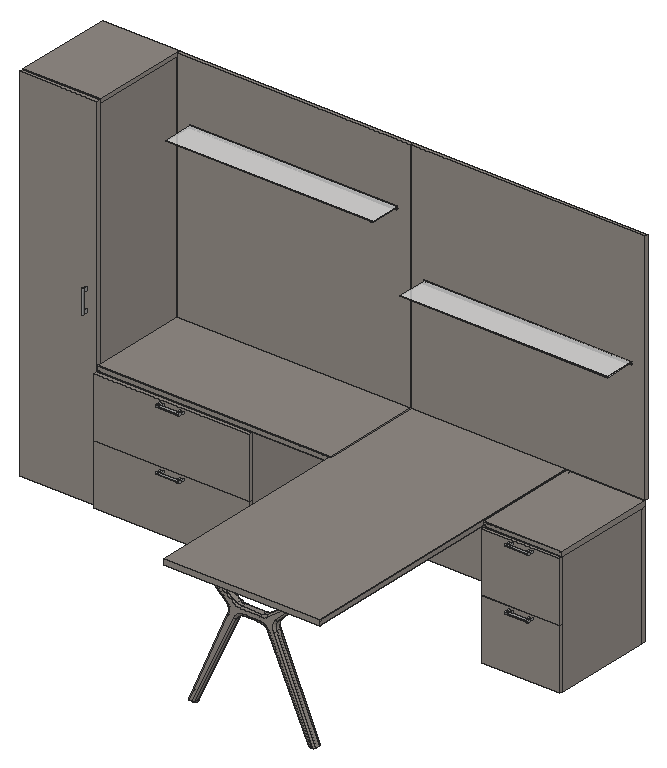
Revit family "JSI-Vision-Typical_Veneer-VSV140", category Furniture, Revit 2020
Family settings
  OmniClass Number = 23.40.20.00
  OmniClass Title = General Furniture and Specialties
  Work Plane-Based = No
  Always vertical = Yes
  Cut with Voids When Loaded = No
  Shared = No
  Room Calculation Point = No
Parameters (values of type "VSV140")
  URL = "www.jsifurniture.com"
  Type Comments = "Typical Veneer"  # constant formula
  Model = "VSV140"
  Manufacturer = "JSI"  # constant formula
  Keynote = "12500"
  Default Elevation = 0"
  Assembly Code = "E2020200"
Reference planes (in)
  plane 1 "Center Front/Back": y = 0
  plane 2: z = 0
  plane 3 "Center Left/Right": x = 0
Dimensions and locks (in)
  aligned and locked: level to plane 2
Nested families (in)
  nested 1: "JSI-Vision-Support_End_with_Metal_Braces" at (107.875, -1.2625, 0) x (0, -1, 0) z (0, 0, 1), type "VSV1036ASP, Vision Support End with Metal Braces 28"H, 36"W"
  nested 2: "JSI-Vision-Wardrobe" at (0, 0, 0), type "VSV2418-84WL - Wardrobe - 1 Doors 30"W x 24"D x 84"H"
    with Vertical Partition no, Width 18", Unit Centre 8 15/16", Shelve Width 7 13/16", Right surface Dist. to Vertical Partition 3/4", Right Door no, Pull Distance 15 1/4", Left Shelves no, Door Width 17 3/4", Bottom-Right Shelves yes, Actual Width 17 7/8"
  nested 3: "JSI-Vision-Modular_Lateral_File_Pedestal" at (17.75, -1.075, 0), type "VSV3624MLF, Veneer Modular Lat F Ped"
    with Ped Width 36", Ped Depth 24"
  nested 4: "JSI-Vision-Rectangle_Desk_Top" at (71.875, -72.125, -2) x (0, 1, 0) z (0, 0, 1), type "VSV3672MCT, Laminate Rectangular Desk Top, 36" x 72""
    with Width 72", Depth 36"
  nested 5: "JSI-Vision-Modular_Bridge_Top" at (53.93913, -10.875, -0.8125), type "VSV5424MCT - Modular Return/Bridge Top 54"W x 24"D x 30"H"
    with Width 54", Depth 24"
  nested 6: "JSI-Vision-Wall_Panel_Markerboard_Laminate-Glass_Shelf" at (17.875, -0.125, 11.6875), type "VSV5454WPGS - Wall Panel with Glass Shelf 54"W x 7 15/16"D x x 54 1/2"H"
    with Shelf Top yes, Shelf Line yes, Shelf Center no, Shelf Bottom no, SH no, Dist Center 15 5/32", Width 54", Height 54 1/2", Depth 7.938"
  nested 7: "JSI-Vision-Wall_Panel_Markerboard_Laminate-Glass_Shelf" at (71.875, -0.125, 11.6875), type "VSV5454WPGS - Wall Panel with Glass Shelf 54"W x 7 15/16"D x x 54 1/2"H"
    with Shelf Top no, Shelf Line yes, Shelf Center yes, Shelf Bottom yes, SH yes, Dist Center 27 1/4", Width 54", Height 54 1/2", Depth 7.938"
  nested 8: "JSI-Vision-Wood_Truss_Base" at (89.875, -68.625, 0) x (0, -1, 0) z (0, 0, 1), type "VSV3028PXB - Wood Truss Base 29 1/2"W x 1 3/4"D x 28 5/16"H"
  nested 9: "JSI-Vision-Modular_File_File_Pedestal" at (107.875, -1.825, 0), type "VSV1824MFF, Veneer Modular FF Ped"
    with Ped Height 27.996", Ped Depth 24"
  nested 10: "JSI-Vision-Modular_Pedestal_Top" at (107.875, -1.2625, 28), type "VSV2418MCT, Modular Pedestal Top - 24d x 18 1/8w x 1 3/16h"
    with Height 0"
  nested 11: "JSI-Vision-Support_Rail_Work_Surface" at (88.87499, -63.063, 0.18778) x (0, 1, 0) z (0, 0, 1), type "GP0255SB, Metal Support Rail for Work Surface  2W 55 L 3/4H"
  nested 12: "JSI-Vision-Modular_Pedestal_Return_Modesty_Panel" at (53.875, -1.2625, 0), type "VSV1828MDRB, Modular Pedestal Return Modesty Panel 15/16w x 28h"
  nested 13: "JSI-Vision-Filler_Back_Panel_for_Bench_Height" at (122, -1.2625, 0), type "VSVB0428MBK, Filler Back Panel for Bench Height 28"H, 4"W"
Definition of nested family "JSI-Vision-Support_End_with_Metal_Braces"
  Parameters (values of type "VST1030ASP, Vision Support End with Metal Braces 28"H, 30"W")
    Width = 30"
    URL = "www.jsifurniture.com"
    Type Comments = ""
    Support Wood Finish = none
    Support Finish = none
    Series = "Vision Casegoods"  # constant formula
    Model = "VST1030ASP"
    Material = ""
    Manufacturer = "JSI"  # constant formula
    Keynote = "12500"  # constant formula
    JSI Enviromental Website = "http://www.jsifurniture.com/jsi_sustainability_intro.php"
    Height = 28"
    Hardware Finish = none
    Description = "Vision Support End Laminate with Metal Braces -  3/4\"D x 30\"W x 28\"H"
    Depth = 3/4"
    Default Elevation = 0"
    Assembly Code = "E2020200"
  Types (4): name | Width | Model | Description
    VST1030ASP, Vision Support End with Metal Braces 28"H, 30"W | 30" | "VST1030ASP" | "Vision Support End Laminate with Metal Braces -  3/4\"D x 30\"W x 28\"H"
    VST1036ASP, Vision Support End with Metal Braces 28"H, 36"W | 36" | "VST1036ASP" | "Vision Support End Laminate with Metal Braces -  3/4\"D x 36\"W x 28\"H"
    VSV1030ASP, Vision Support End with Metal Braces 28"H, 30"W | 30" | "VSV1030ASP" | "Vision Support End Veneer with Metal Braces -  3/4\"D x 30\"W x 28\"H"
    VSV1036ASP, Vision Support End with Metal Braces 28"H, 36"W | 36" | "VSV1036ASP" | "Vision Support End Veneer with Metal Braces -  3/4\"D x 36\"W x 28\"H"
  Reference planes (in)
    plane 1 "Center Front/Back": y = 0
    plane 2: z = 0
    plane 3 "Center Left/Right": x = 0
    plane 4: z = 0
    plane 5: z = 28
    plane 6: x = 0.75
    plane 7: y = -30
    plane 8: y = -15
  Forms (in)
    Extrusion 1, solid, material <- "Support Wood Finish"
      sketch origin (0, 0, 0) x (1, 0, 0) y (0, 1, 0)
        loop
          line (0, -0.1875) -> (0, -29.8125) -> (0.75, -29.8125) -> (0.75, -0.1875) -> (0, -0.1875)
      from 0 to 28
    Extrusion 2, solid, material <- "Support Finish"
      sketch origin (0, 0, 0) x (1, 0, 0) y (0, 0, 1)
        loop
          line (1.01072, 21.34172) -> (7.4271, 27.75811)
          arc (7.4271, 27.75811) -> (7.48703, 27.79815) -> (7.55772, 27.81221) r 0.18472
          line (7.55772, 27.81221) -> (10.08071, 27.81221) -> (10.08071, 28) -> (7.55916, 28)
          arc (7.55916, 28) -> (7.41566, 27.97145) -> (7.294, 27.89017) r 0.375
          line (7.294, 27.89017) -> (0.85983, 21.456)
          arc (0.85983, 21.456) -> (0.77855, 21.33434) -> (0.75, 21.19084) r 0.375
          line (0.75, 21.19084) -> (0.75, 18.669) -> (0.9375, 18.669) -> (0.9375, 21.16495)
          arc (0.9375, 21.16495) -> (0.95653, 21.26062) -> (1.01072, 21.34172) r 0.25
      from 10.5 to 11.5
    Extrusion 3, solid, material <- "Support Finish"
      sketch origin (0, -8, 0) x (1, 0, 0) y (0, 0, 1)
        loop
          line (1.01072, 21.34172) -> (7.4271, 27.75811)
          arc (7.4271, 27.75811) -> (7.48703, 27.79815) -> (7.55772, 27.81221) r 0.18472
          line (7.55772, 27.81221) -> (10.08071, 27.81221) -> (10.08071, 28) -> (7.55916, 28)
          arc (7.55916, 28) -> (7.41566, 27.97145) -> (7.294, 27.89017) r 0.375
          line (7.294, 27.89017) -> (0.85983, 21.456)
          arc (0.85983, 21.456) -> (0.77855, 21.33434) -> (0.75, 21.19084) r 0.375
          line (0.75, 21.19084) -> (0.75, 18.669) -> (0.9375, 18.669) -> (0.9375, 21.16495)
          arc (0.9375, 21.16495) -> (0.95653, 21.26062) -> (1.01072, 21.34172) r 0.25
      from 10.5 to 11.5
    Extrusion 4, solid, material <- "Hardware Finish"
      sketch origin (0, 0, 0) x (1, 0, 0) y (0, 0, 1)
        loop
          line (0.75, 28) -> (0.75, 26.9375) -> (0.8125, 26.9375) -> (0.8125, 27.9375) -> (1.8125, 27.9375) -> (1.8125, 28) -> (0.75, 28)
      from 1.6875 to 3.6875
    Extrusion 5, solid, material <- "Hardware Finish"
      sketch origin (0, -8.75, 0) x (1, 0, 0) y (0, 0, 1)
        loop
          line (0.75, 28) -> (0.75, 26.9375) -> (0.8125, 26.9375) -> (0.8125, 27.9375) -> (1.8125, 27.9375) -> (1.8125, 28) -> (0.75, 28)
      from -1.3125 to 0.6875
    Extrusion 6, solid, material <- "Hardware Finish"
      sketch origin (0, -21.875, 0) x (1, 0, 0) y (0, 0, 1)
        loop
          line (0.75, 28) -> (0.75, 26.9375) -> (0.8125, 26.9375) -> (0.8125, 27.9375) -> (1.8125, 27.9375) -> (1.8125, 28) -> (0.75, 28)
      from -1.3125 to 0.6875
    Extrusion 7, solid, material <- "Hardware Finish"
      sketch origin (0, -30.625, 0) x (1, 0, 0) y (0, 0, 1)
        loop
          line (0.75, 28) -> (0.75, 26.9375) -> (0.8125, 26.9375) -> (0.8125, 27.9375) -> (1.8125, 27.9375) -> (1.8125, 28) -> (0.75, 28)
      from -4.3125 to -2.3125
  Lines and regions (in)
    symbolic lines
      curve 1: line (0, -0.1875, 0) -> (0.75, -0.1875, 0)
      curve 2: line (0, -29.8125, 0) -> (0, -0.1875, 0)
      curve 3: line (0.75, -29.8125, 0) -> (0, -29.8125, 0)
      curve 4: line (0.75, -0.1875, 0) -> (0.75, -29.8125, 0)
      curve 5: line (0.75, -1.83336, 0) -> (1.30712, -1.83336, 0)
      curve 6: line (1.30712, -1.83336, 0) -> (1.30712, -3.4108, 0)
      curve 7: line (1.30712, -3.4108, 0) -> (0.75, -3.4108, 0)
      curve 8: line (0.75, -26.5892, 0) -> (1.30712, -26.5892, 0)
      curve 9: line (1.30712, -26.5892, 0) -> (1.30712, -28.16665, 0)
      curve 10: line (1.30712, -28.16665, 0) -> (0.75, -28.16665, 0)
  Dimensions and locks (in)
    "Depth": plane 3 "Center Left/Right" to plane 6
    "Width": plane 1 "Center Front/Back" to plane 7
    locked: Extrusion 1 sketch curve to plane 1 "Center Front/Back" at 0.1875
    locked: Extrusion 1 sketch curve to plane 7 at 0.1875
    equal spacing: plane 7, plane 8, plane 1 "Center Front/Back"
    plane 5 to Extrusion 2 sketch curve to Extrusion 2 sketch curve to Extrusion 2 sketch curve to Extrusion 2 sketch curve to Extrusion 2 sketch curve = 0.18779" locked, 0.18472" locked, 6.43665" locked, 0.02589" locked, 2.49595" locked
    Extrusion 2 sketch curve to Extrusion 2 sketch curve to Extrusion 2 sketch curve to Extrusion 2 sketch curve to Extrusion 2 sketch curve to plane 6 = 2.52299" locked, 6.37022" locked, 1/16" locked, 3/16" locked, 3/16" locked
    Extrusion 3 sketch curve to Extrusion 3 sketch curve to Extrusion 3 sketch curve to Extrusion 3 sketch curve to Extrusion 3 sketch curve = 0.18472" locked, 6.43665" locked, 0.02589" locked, 2.49595" locked
    Extrusion 3 sketch curve to Extrusion 3 sketch curve to Extrusion 3 sketch curve to Extrusion 3 sketch curve to Extrusion 3 sketch curve = 2.52299" locked, 6.37022" locked, 1/16" locked, 3/16" locked
    Extrusion 2 to Extrusion 2 to plane 8 to Extrusion 3 to Extrusion 3 = 1" locked, 3 1/2" locked, 3 1/2" locked, 1" locked
    plane 5 to Extrusion 4 sketch curve to Extrusion 4 sketch curve = 1/16" locked, 1" locked
    plane 6 to Extrusion 4 sketch curve to Extrusion 4 sketch curve = 1/16" locked, 1" locked
    locked: Extrusion 5 sketch curve to Extrusion 5 sketch curve at 1  (x2)
    locked: Extrusion 6 sketch curve to Extrusion 6 sketch curve at 1  (x2)
    locked: Extrusion 7 sketch curve to Extrusion 7 sketch curve at 1  (x2)
    Extrusion 5 to Extrusion 5 to Extrusion 2 to Extrusion 2 to plane 8 to Extrusion 3 to Extrusion 3 to Extrusion 6 to Extrusion 6 = 2" locked, 1 1/16" locked, 1" locked, 3 1/2" locked, 3 1/2" locked, 1" locked, 1 1/16" locked, 2" locked
    plane 1 "Center Front/Back" to Extrusion 4 to Extrusion 4 = 1 11/16" locked, 2" locked
    Extrusion 7 to Extrusion 7 to plane 7 = 2" locked, 1 11/16" locked
    "Height": plane 5 to plane 4
    aligned and locked: level to plane 2
    aligned and locked: plane 3 "Center Left/Right" to Extrusion 1 sketch curve
    aligned and locked: plane 6 to Extrusion 1 sketch curve
    aligned and locked: plane 5 to Extrusion 1
    aligned and locked: curve 1 to Extrusion 1
    aligned and locked: curve 2 to Extrusion 1
    aligned and locked: curve 3 to Extrusion 1
    aligned and locked: curve 4 to Extrusion 1
    aligned and locked: Extrusion 2 sketch curve to plane 5
    aligned and locked: Extrusion 2 sketch curve to plane 6
    aligned and locked: Extrusion 4 sketch curve to plane 5
    aligned and locked: plane 6 to Extrusion 4 sketch curve
    aligned and locked: Extrusion 1 to plane 4
  Automatic sketch dimensions
    curve 7 to curve 6 = 0.55712"
    curve 8 to curve 8 = 0.55712"
    curve 3 to curve 9 = 1.64585"
    curve 9 to curve 9 = 1.57745"
    curve 6 to curve 1 = 3.2233"
    curve 6 to curve 5 = 1.57744"
    Extrusion 2 sketch curve to plane 6 = 0.10983"
    Extrusion 2 sketch curve to Extrusion 2 sketch curve = 0.15089"
    Extrusion 2 sketch curve to plane 5 = 0.10983"
    Extrusion 2 sketch curve to Extrusion 2 sketch curve = 0.26372"
    Extrusion 2 sketch curve to plane 5 = 0.24189"
    Extrusion 2 sketch curve to Extrusion 2 sketch curve = 0.00144"
    plane 6 to Extrusion 3 sketch curve = 0"
    Extrusion 3 sketch curve to plane 5 = 0"
    Extrusion 3 sketch curve to plane 6 = 0.10983"
    Extrusion 3 sketch curve to Extrusion 3 sketch curve = 3/16"
    Extrusion 3 sketch curve to Extrusion 3 sketch curve = 0.15089"
    Extrusion 3 sketch curve to plane 5 = 0.10983"
    Extrusion 3 sketch curve to Extrusion 3 sketch curve = 0.26372"
    Extrusion 3 sketch curve to plane 5 = 0.24189"
    Extrusion 3 sketch curve to Extrusion 3 sketch curve = 0.13062"
    Extrusion 3 sketch curve to Extrusion 3 sketch curve = 0.00144"
    Extrusion 5 sketch curve to plane 5 = 0"
    plane 6 to Extrusion 5 sketch curve = 0"
    Extrusion 5 sketch curve to plane 6 = 1/16"
    Extrusion 5 sketch curve to plane 5 = 1/16"
    Extrusion 6 sketch curve to plane 5 = 0"
    plane 6 to Extrusion 6 sketch curve = 0"
    Extrusion 6 sketch curve to plane 6 = 1/16"
    Extrusion 6 sketch curve to plane 5 = 1/16"
    Extrusion 7 sketch curve to plane 5 = 0"
    plane 6 to Extrusion 7 sketch curve = 0"
    Extrusion 7 sketch curve to plane 6 = 1/16"
    Extrusion 7 sketch curve to plane 5 = 1/16"
Definition of nested family "JSI-Vision-Wardrobe"
  Parameters (values of type "Type Catalog")
    Vertical Partition = yes
    Top-Right Shelve = yes
    Top = none
    Width = 36"
    Unit Centre = Actual Width / 2  # 17 15/16"
    URL = "www.jsifurniture.com"
    Type Comments = ""
    Tag = "Storage/Wardrobe"
    Shelve Width = (Actual Width - 2 1/4") / 2  # 16 13/16"
    Shelve Depth = Depth - 2 13/16"  # 21 3/16"
    Series = "Vision Casegoods"  # constant formula
    Right surface Dist. to Vertical Partition = if(Vertical Partition, (Unit Centre + 3/8"), 3/4")  # 18 5/16"
    Right Door = yes
    Pull Finish = none
    Pull Distance = Door Width - 2 1/2"  # 15 5/16"
    Model = "Type Catalog"
    Material = ""
    Manufacturer = "JSI"  # constant formula
    Left Shelves = yes
    Left Door = yes
    Keynote = "12500"
    JSI Enviromental Website = "http://www.jsifurniture.com/jsi_sustainability_intro.php"
    Height = 84"
    Hanging Bar Distance = if(Height > 72", (Adjustable Shelves Array Distance + 6 3/4"), 6 3/4")  # 20 3/8"
    Door Width = if(Vertical Partition, ((Actual Width - (1/4")) / 2), (Actual Width - 1/8"))  # 17 13/16"
    Door Front = none
    Description = "Type Catalog"
    Depth = 24"
    Default Elevation = 0"
    Chassis = none
    Bottom-Right Shelves = no
    Assembly Code = "E2020200"
    Adjustable Shelves Array Distance = (Actual Height - 1 15/16") / (# of Adjustable Shelves + 1)  # 13 5/8"
    Actual Width = Width - 1/8"  # 35 7/8"
    Actual Height = if(Height > 54", (Height - 5/16"), (if(Height > 42", (Height + 1 1/8"), if(Height > 30", (Height - 3/8"), (Height - 13/16")))))  # 83 11/16"
    # of Adjustable Shelves = if(Height > 72", 5, 4)  # 5
  Reference planes (in)
    plane 1 "Center Front/Back": y = 0
    plane 2: z = 0
    plane 3 "Center Left/Right": x = 0
    plane 4: z = 0
    plane 5: x = 35.875
    plane 6: y = -0.125
    plane 7: y = -23
    plane 8: z = 83.6875
    plane 9: y = -0.875
    plane 10: y = -22.8125
    plane 11: y = -22.0625
    plane 12: x = 0.75
    plane 13: x = 35.125
    plane 14: z = 1.1875
    plane 15: z = 1.9375
    plane 16: z = 82.9375
    plane 17: z = 83.3125
    plane 18: z = 15.1875
    plane 19: z = 28.8125
    plane 20: z = 42.4375
    plane 21: z = 56.0625
    plane 22: z = 69.6875
    plane 23: z = 70.0625
    plane 24: z = 69.3125
    plane 25: z = 56.4375
    plane 26: z = 55.6875
    plane 27: z = 42.8125
    plane 28: z = 42.0625
    plane 29: z = 29.1875
    plane 30: z = 28.4375
    plane 31: z = 15.5625
    plane 32: z = 14.8125
    plane 33: x = 17.9375
    plane 34: x = 0.0625
    plane 35: x = 35.8125
    plane 36: x = 18
    plane 37: x = 17.875
    plane 38: z = 0.125
    plane 39: y = -23.125
    plane 40: y = -23.875
    plane 41: z = 1.5625
    plane 42: x = 18.3125
    plane 43: x = 17.5625
    plane 44: y = -24
    plane 45: z = 83.625
    plane 46: z = 63.3125
    plane 47: y = -11.5625
    plane 48: z = 41.84375
    plane 49: x = 20.5
    plane 50: x = 15.375
    plane 51: z = 20.3125
    plane 52: z = 19.5625
    plane 53: x = 18.3125
  Forms (in)
    Extrusion 1, solid, material <- "Chassis"
      sketch origin (0, 0, 0) x (1, 0, 0) y (0, 1, 0)
        loop
          line (0, -0.125) -> (0, -0.875) -> (35.875, -0.875) -> (35.875, -0.125) -> (0, -0.125)
      from 0 to 82.9375
    Extrusion 2, solid, material <- "Chassis"
      sketch origin (0, 0, 0) x (1, 0, 0) y (0, 1, 0)
        loop
          line (0, -0.875) -> (0, -23) -> (0.75, -23) -> (0.75, -0.875) -> (0, -0.875)
      from 0 to 82.9375
    Extrusion 3, solid, material <- "Chassis"
      sketch origin (0, 0, 0) x (1, 0, 0) y (0, 1, 0)
        loop
          line (35.125, -0.875) -> (35.125, -23) -> (35.875, -23) -> (35.875, -0.875) -> (35.125, -0.875)
      from 0 to 82.9375
    Extrusion 4, solid, material <- "Top"
      sketch origin (0, 0, 0) x (0, 1, 0) y (0, 0, 1)
        loop
          line (-0.125, 83.6875) -> (-23, 83.6875) -> (-23, 82.9375) -> (-0.125, 82.9375) -> (-0.125, 83.6875)
      from 0 to 35.875
    Extrusion 5, solid, material <- "Chassis"
      sketch origin (0, 0, 0) x (0, 1, 0) y (0, 0, 1)
        loop
          line (-0.875, 1.9375) -> (-22.0625, 1.9375) -> (-22.0625, 1.1875) -> (-0.875, 1.1875) -> (-0.875, 1.9375)
      from 0.75 to 35.125
    Extrusion 6, solid, material <- "Chassis"
      sketch origin (0, 0, 0) x (0, 1, 0) y (0, 0, 1)
        loop
          line (-22.0625, 1.9375) -> (-22.8125, 1.9375) -> (-22.8125, 0) -> (-22.0625, 0) -> (-22.0625, 1.9375)
      from 0.75 to 35.125
    Extrusion 7, solid, material <- "Door Front", visible <- "Left Door"
      sketch origin (0, 0, 0) x (1, 0, 0) y (0, 1, 0)
        loop
          line (0.0625, -23.125) -> (0.0625, -23.875) -> (17.875, -23.875) -> (17.875, -23.125) -> (0.0625, -23.125)
      from 0.125 to 83.625
    Extrusion 8, solid, material <- "Door Front", visible <- "Right Door"
      sketch origin (0, 0, 0) x (1, 0, 0) y (0, 1, 0)
        loop
          line (18, -23.125) -> (18, -23.875) -> (35.8125, -23.875) -> (35.8125, -23.125) -> (18, -23.125)
      from 0.125 to 83.625
    Extrusion 9, solid, material <- "Chassis", visible <- "Vertical Partition"
      sketch origin (0, 0, 0) x (1, 0, 0) y (0, 1, 0)
        loop
          line (17.5625, -0.875) -> (17.5625, -23) -> (18.3125, -23) -> (18.3125, -0.875) -> (17.5625, -0.875)
      from 1.9375 to 82.9375
    Extrusion 10, solid, material <- "Chassis", visible <- "Left Shelves"
      sketch origin (0, 0, 0) x (0, 1, 0) y (0, 0, 1)
        loop
          line (-0.875, 15.5625) -> (-22.0625, 15.5625) -> (-22.0625, 14.8125) -> (-0.875, 14.8125) -> (-0.875, 15.5625)
      from 0.75 to 17.5625
    Extrusion 11, solid, material <- "Chassis", visible <- "Top-Right Shelve"
      sketch origin (0, 0, 0) x (0, 1, 0) y (0, 0, 1)
        loop
          line (-0.875, 70.0625) -> (-22.0625, 70.0625) -> (-22.0625, 69.3125) -> (-0.875, 69.3125) -> (-0.875, 70.0625)
      from 18.3125 to 35.125
    Extrusion 12, solid, material <- "Pull Finish"
      sketch origin (0, 0, 0) x (0, 1, 0) y (0, 0, 1)
        loop
          circle (-11.5625, 63.3125) r 0.5
      from 18.3125 to 35.125
    Extrusion 13, solid, material <- "Chassis", visible <- "Left Shelves"
      sketch origin (0, 0, 13.625) x (0, 1, 0) y (0, 0, 1)
        loop
          line (-0.875, 15.5625) -> (-22.0625, 15.5625) -> (-22.0625, 14.8125) -> (-0.875, 14.8125) -> (-0.875, 15.5625)
      from 0.75 to 17.5625
    Extrusion 14, solid, material <- "Chassis", visible <- "Left Shelves"
      sketch origin (0, 0, 27.25) x (0, 1, 0) y (0, 0, 1)
        loop
          line (-0.875, 15.5625) -> (-22.0625, 15.5625) -> (-22.0625, 14.8125) -> (-0.875, 14.8125) -> (-0.875, 15.5625)
      from 0.75 to 17.5625
    Extrusion 15, solid, material <- "Chassis", visible <- "Left Shelves"
      sketch origin (0, 0, 40.875) x (0, 1, 0) y (0, 0, 1)
        loop
          line (-0.875, 15.5625) -> (-22.0625, 15.5625) -> (-22.0625, 14.8125) -> (-0.875, 14.8125) -> (-0.875, 15.5625)
      from 0.75 to 17.5625
    Extrusion 16, solid, material <- "Chassis", visible <- "Bottom-Right Shelves"
      sketch origin (0, 0, 0) x (0, 1, 0) y (0, 0, 1)
        loop
          line (-22.0625, 29.1875) -> (-22.0625, 28.4375) -> (-0.875, 28.4375) -> (-0.875, 29.1875) -> (-22.0625, 29.1875)
      from 18.3125 to 35.125
    Extrusion 17, solid, material <- "Chassis", visible <- "Bottom-Right Shelves"
      sketch origin (0, 0, 0) x (0, 1, 0) y (0, 0, 1)
        loop
          line (-22.0625, 20.3125) -> (-22.0625, 19.5625) -> (-0.875, 19.5625) -> (-0.875, 20.3125) -> (-22.0625, 20.3125)
      from 18.3125 to 35.125
    Extrusion 18, solid, material <- "Chassis", visible <- "Left Shelves"
      sketch origin (0, 0, 54.5) x (0, 1, 0) y (0, 0, 1)
        loop
          line (-0.875, 15.5625) -> (-22.0625, 15.5625) -> (-22.0625, 14.8125) -> (-0.875, 14.8125) -> (-0.875, 15.5625)
      from 0.75 to 17.5625
  Lines and regions (in)
    symbolic lines
      curve 1: line (35.875, -0.125, 0) -> (0, -0.125, 0)
      curve 2: line (0, -0.125, 0) -> (0, -23, 0)
      curve 3: line (35.875, -23, 0) -> (35.875, -0.125, 0)
      curve 4: line (0, -23, 0) -> (35.875, -23, 0)
      curve 5: line (17.875, -23.875, 0) -> (17.875, -23.125, 0)
      curve 6: line (0.0625, -23.875, 0) -> (17.875, -23.875, 0)
      curve 7: line (17.875, -23.125, 0) -> (0.0625, -23.125, 0)
      curve 8: line (0.0625, -23.125, 0) -> (0.0625, -23.875, 0)
      curve 9: line (35.8125, -23.125, 20.3125) -> (18, -23.125, 20.3125)
      curve 10: line (18, -23.875, 20.3125) -> (35.8125, -23.875, 20.3125)
      curve 11: line (18, -23.125, 20.3125) -> (18, -23.875, 20.3125)
      curve 12: line (35.8125, -23.875, 20.3125) -> (35.8125, -23.125, 20.3125)
  Dimensions and locks (in)
    locked: plane 6 to plane 1 "Center Front/Back" at 0.125
    plane 7 to plane 10 to plane 11 = 3/16" locked, 3/4" locked
    locked: plane 3 "Center Left/Right" to plane 12 at 0.75
    locked: plane 13 to plane 5 at 0.75
    plane 15 to plane 14 to plane 4 = 3/4" locked, 1 3/16" locked
    locked: plane 8 to plane 16 at 0.75
    locked: plane 17 to plane 16 at 0.375
    plane 23 to plane 22 to plane 24 = 3/8" locked, 3/8" locked
    plane 25 to plane 21 to plane 26 = 3/8" locked, 3/8" locked
    plane 27 to plane 20 to plane 28 = 3/8" locked, 3/8" locked
    plane 29 to plane 19 to plane 30 = 3/8" locked, 3/8" locked
    plane 31 to plane 18 to plane 32 = 3/8" locked, 3/8" locked
    "Actual Width": plane 3 "Center Left/Right" to plane 5
    "Unit Centre": plane 3 "Center Left/Right" to plane 33
    "Actual Height": plane 8 to plane 4
    locked: plane 3 "Center Left/Right" to plane 34 at 0.0625
    locked: plane 35 to plane 5 at 0.0625
    plane 40 to plane 39 to plane 7 = 3/4" locked, 1/8" locked
    "Door Width": plane 34 to plane 37
    "Door Width": plane 36 to plane 35
    locked: plane 15 to plane 41 at 0.375
    plane 43 to plane 33 to plane 42 = 3/8" locked, 3/8" locked
    "Depth": plane 44 to plane 1 "Center Front/Back"
    locked: plane 44 to plane 40 at 0.125
    "Adjustable Shelves Array Distance": Extrusion 10 to plane 15
    locked: plane 8 to plane 45 at 0.0625
    "Adjustable Shelves Array Distance": plane 17 to plane 22
    equal spacing: plane 6, plane 47, plane 7
    equal spacing: plane 8, plane 48, plane 4
    "Shelve Depth": Extrusion 10 sketch curve to Extrusion 10 sketch curve
    "Shelve Depth": Extrusion 13 sketch curve to Extrusion 13 sketch curve
    equal spacing: group 1, group 2, group 3, group 4, group 5  (x3)
    "Shelve Width": Extrusion 10 to Extrusion 10
    "Shelve Depth": Extrusion 14 sketch curve to Extrusion 14 sketch curve
    "Shelve Width": Extrusion 14 to Extrusion 14
    "Shelve Depth": Extrusion 15 sketch curve to Extrusion 15 sketch curve
    "Shelve Width": Extrusion 15 to Extrusion 15
    "Shelve Width": Extrusion 13 to Extrusion 13
    "Hanging Bar Distance": plane 8 to plane 46
    "Adjustable Shelves Array Distance": Extrusion 13 to Extrusion 10
    plane 30 to plane 51 to plane 52 = 8 1/8" locked, 3/4" locked
    "Pull Distance": plane 49 to plane 35
    "Pull Distance": plane 34 to plane 50
    "Right surface Dist. to Vertical Partition": plane 53 to plane 3 "Center Left/Right"
    "Shelve Depth": Extrusion 18 sketch curve to Extrusion 18 sketch curve
    "Shelve Width": Extrusion 18 to Extrusion 18
    locked: plane 38 to plane 4 at 0.125
    radius of Extrusion 12 sketch curve = 1/2"
    aligned and locked: level to plane 2
    aligned and locked: plane 6 to Extrusion 1 sketch curve
    aligned and locked: Extrusion 1 sketch curve to plane 9
    aligned and locked: Extrusion 1 sketch curve to plane 5
    aligned and locked: plane 3 "Center Left/Right" to Extrusion 1 sketch curve
    aligned and locked: Extrusion 1 to plane 4
    aligned and locked: plane 16 to Extrusion 1
    aligned and locked: plane 3 "Center Left/Right" to Extrusion 2 sketch curve
    aligned and locked: Extrusion 2 sketch curve to plane 12
    aligned and locked: Extrusion 2 sketch curve to plane 7
    aligned and locked: plane 9 to Extrusion 2 sketch curve
    aligned and locked: plane 13 to Extrusion 3 sketch curve
    aligned and locked: Extrusion 3 sketch curve to plane 5
    aligned and locked: Extrusion 3 sketch curve to plane 7
    aligned and locked: plane 9 to Extrusion 3 sketch curve
    aligned and locked: Extrusion 2 to plane 4
    aligned and locked: Extrusion 3 to plane 4
    aligned and locked: plane 16 to Extrusion 2
    aligned and locked: plane 16 to Extrusion 3
    aligned and locked: plane 16 to Extrusion 4 sketch curve
    aligned and locked: Extrusion 4 sketch curve to plane 8
    aligned and locked: plane 6 to Extrusion 4 sketch curve
    aligned and locked: Extrusion 4 sketch curve to plane 7
    aligned and locked: Extrusion 4 to plane 3 "Center Left/Right"
    aligned and locked: plane 5 to Extrusion 4
    aligned and locked: Extrusion 5 sketch curve to plane 11
    aligned and locked: plane 14 to Extrusion 5 sketch curve
    aligned and locked: Extrusion 5 sketch curve to plane 15
    aligned and locked: plane 9 to Extrusion 5 sketch curve
    aligned and locked: Extrusion 5 to plane 12
    aligned and locked: plane 13 to Extrusion 5
    aligned and locked: plane 11 to Extrusion 6 sketch curve
    aligned and locked: Extrusion 6 sketch curve to plane 10
    aligned and locked: plane 4 to Extrusion 6 sketch curve
    aligned and locked: Extrusion 6 sketch curve to plane 15
    aligned and locked: Extrusion 6 to plane 12
    aligned and locked: plane 13 to Extrusion 6
    aligned and locked: level to plane 4
    aligned and locked: plane 33 to nested 1
    aligned and locked: plane 40 to nested 1
    aligned and locked: plane 39 to Extrusion 7 sketch curve
    aligned and locked: Extrusion 7 sketch curve to plane 40
    aligned and locked: Extrusion 7 sketch curve to plane 37
    aligned and locked: plane 34 to Extrusion 7 sketch curve
    aligned and locked: plane 39 to Extrusion 8 sketch curve
    aligned and locked: Extrusion 8 sketch curve to plane 40
    aligned and locked: Extrusion 8 sketch curve to plane 35
    aligned and locked: plane 36 to Extrusion 8 sketch curve
    aligned and locked: Extrusion 7 to plane 38
    aligned and locked: Extrusion 8 to plane 38
    aligned and locked: plane 43 to Extrusion 9 sketch curve
    aligned and locked: Extrusion 9 sketch curve to plane 42
    aligned and locked: plane 9 to Extrusion 9 sketch curve
    aligned and locked: Extrusion 9 sketch curve to plane 7
    aligned and locked: Extrusion 9 to plane 15
    aligned and locked: plane 16 to Extrusion 9
    aligned and locked: plane 45 to Extrusion 7
    aligned and locked: plane 45 to Extrusion 8
    aligned and locked: Extrusion 11 sketch curve to plane 23
    aligned and locked: plane 24 to Extrusion 11 sketch curve
    aligned and locked: plane 9 to Extrusion 11 sketch curve
    aligned and locked: Extrusion 11 sketch curve to plane 11
    aligned and locked: plane 13 to Extrusion 11
    aligned and locked: plane 13 to Extrusion 12
    aligned and locked: Extrusion 10 to plane 9
    aligned and locked: plane 50 to nested 3
    aligned and locked: plane 49 to nested 2
    aligned and locked: plane 48 to nested 3
    aligned and locked: plane 48 to nested 2
    aligned and locked: plane 43 to Extrusion 10
    aligned and locked: plane 43 to Extrusion 13
    aligned and locked: Extrusion 13 to plane 9
    aligned and locked: plane 40 to nested 3
    aligned and locked: plane 40 to nested 2
    aligned and locked: Extrusion 16 sketch curve to plane 29
    aligned and locked: plane 30 to Extrusion 16 sketch curve
    aligned and locked: plane 9 to Extrusion 16 sketch curve
    aligned and locked: Extrusion 16 sketch curve to plane 11
    aligned and locked: plane 13 to Extrusion 16
    aligned and locked: Extrusion 17 sketch curve to plane 51
    aligned and locked: plane 52 to Extrusion 17 sketch curve
    aligned and locked: Extrusion 17 sketch curve to plane 11
    aligned and locked: plane 9 to Extrusion 17 sketch curve
    aligned and locked: plane 13 to Extrusion 17
    aligned and locked: plane 53 to Extrusion 12
    aligned and locked: plane 53 to Extrusion 11
    aligned and locked: plane 53 to Extrusion 17
    aligned and locked: plane 53 to Extrusion 16
    aligned and locked: curve 1 to Extrusion 4
    aligned and locked: curve 2 to Extrusion 4
    aligned and locked: curve 3 to Extrusion 4
    aligned and locked: curve 4 to Extrusion 4
    aligned and locked: curve 5 to Extrusion 7
    aligned and locked: curve 6 to Extrusion 7
    aligned and locked: curve 7 to Extrusion 7
    aligned and locked: curve 8 to Extrusion 7
    aligned and locked: curve 9 to Extrusion 8
    aligned and locked: curve 10 to Extrusion 8
    aligned and locked: curve 11 to Extrusion 8
    aligned and locked: curve 12 to Extrusion 8
  Automatic sketch dimensions
    Extrusion 12 sketch curve to plane 46 = 0"
    Extrusion 12 sketch curve to plane 47 = 0"
    Extrusion 10 sketch curve to Extrusion 10 sketch curve = 3/4"
    Extrusion 13 sketch curve to Extrusion 13 sketch curve = 3/4"
    Extrusion 14 sketch curve to Extrusion 14 sketch curve = 3/4"
    Extrusion 15 sketch curve to Extrusion 15 sketch curve = 3/4"
    Extrusion 18 sketch curve to Extrusion 18 sketch curve = 3/4"
  Nested families (in)
    nested 1: "Label 1-16 OH" at (17.9375, -23.875, 0), type "OH DOORS"
    nested 2: "Vertical Bar Pull" at (20.5, -23.875, 41.84375), Pull Finish <- "Pull Finish", visible <- "Right Door", type "PL"
      with Pull Finish none
    nested 3: "Vertical Bar Pull" at (15.375, -23.875, 41.84375), Pull Finish <- "Pull Finish", visible <- "Left Door", type "PL"
      with Pull Finish none
  Definition of nested family "Vertical Bar Pull"
    Parameters
      Pull Finish [instance] = none
      Default Elevation = 0"
    Reference planes (in)
      plane 1 "Center Front/Back": y = 0
      plane 2: z = 0
      plane 3 "Center Left/Right": x = 0
      plane 4: x = -2.68731
      plane 5: x = -1.88731
      plane 6: x = 2.68731
      plane 7: x = 1.88731
      plane 8: y = -1
      plane 9: y = -0.85202
      plane 10: z = 2.68731
      plane 11: z = 1.88731
      plane 12: z = -1.88731
      plane 13: z = -2.68731
    Forms (in)
      Extrusion 1, solid, material <- "Pull Finish"
        sketch origin (0, 0, 0) x (0, 1, 0) y (-1, 0, 0)
          loop
            line (0, -0.2015) -> (0, 0.2015) -> (-0.85202, 0.2015)
            arc (-0.85202, 0.2015) -> (-0.75, 0) -> (-0.85202, -0.2015) r 0.25
            line (-0.85202, -0.2015) -> (0, -0.2015)
        from 1.88731 to 2.68731
      Extrusion 2, solid, material <- "Pull Finish"
        sketch origin (0, 0, 0) x (0, 1, 0) y (-1, 0, 0)
          loop
            circle (-1, 0) r 0.25
        from -2.68731 to 2.68731
      Extrusion 3, solid, material <- "Pull Finish"
        sketch origin (0, 0, 0) x (1, 0, 0) y (0, 1, 0)
          loop
            line (0.2015, 0) -> (-0.2015, 0) -> (-0.2015, -0.85202)
            arc (-0.2015, -0.85202) -> (0, -0.75) -> (0.2015, -0.85202) r 0.25
            line (0.2015, -0.85202) -> (0.2015, 0)
        from 1.88731 to 2.68731
      Extrusion 4, solid, material <- "Pull Finish"
        sketch origin (0, 0, -4.57462) x (1, 0, 0) y (0, 1, 0)
          loop
            line (0.2015, 0) -> (-0.2015, 0) -> (-0.2015, -0.85202)
            arc (-0.2015, -0.85202) -> (0, -0.75) -> (0.2015, -0.85202) r 0.25
            line (0.2015, -0.85202) -> (0.2015, 0)
        from 1.88731 to 2.68731
    Dimensions and locks (in)
      plane 4 to plane 5 to plane 3 "Center Left/Right" to plane 7 to plane 6 = 0.8" locked, 1.88731" locked, 1.88731" locked, 0.8" locked
      plane 8 to plane 9 to plane 1 "Center Front/Back" = 0.14798" locked, 0.85202" locked
      plane 13 to plane 12 to plane 2 to plane 11 to plane 10 = 0.8" locked, 1.88731" locked, 1.88731" locked, 0.8" locked
      plane 1 "Center Front/Back" to plane 9 to plane 8 = 0.85202" locked, 0.14798" locked
      aligned and locked: level to plane 2
      aligned and locked: plane 8 to Extrusion 2 sketch curve
      aligned and locked: Extrusion 3 to plane 1 "Center Front/Back"
      aligned and locked: Extrusion 1 to plane 1 "Center Front/Back"
      aligned and locked: Extrusion 4 to plane 1 "Center Front/Back"
      aligned and locked: Extrusion 3 to plane 10
      aligned and locked: Extrusion 3 to plane 11
      aligned and locked: Extrusion 2 to plane 10
      aligned and locked: Extrusion 2 to plane 13
      aligned and locked: Extrusion 4 to plane 13
      aligned and locked: Extrusion 4 to plane 12
      aligned and locked: plane 1 "Center Front/Back" to Extrusion 4
      aligned and locked: plane 1 "Center Front/Back" to Extrusion 3
      aligned and locked: Extrusion 4 to plane 9
      aligned and locked: Extrusion 3 to plane 9
  Definition of nested family "Label 1-16 OH"
    Parameters
      Width = 1"
      Model Name = "Storage/Wardrobe"
    Reference planes (in)
      plane 1: y = 0
      plane 2: x = 0
    Text (in)
      label "XX" at (0.00051, -0.12324, 0), shows "Model Name"
Definition of nested family "JSI-Vision-Modular_Lateral_File_Pedestal"
  Parameters (values of type "Modular Lat F Ped - Type Catalog Family")
    URL = "www.jsifurniture.com"
    Tag = "Lat File"
    Series = "Vision Casegoods"  # constant formula
    Pull Finish = none
    Ped Width = 30"
    Ped Height = 28"
    Model = "Type Catalog"
    Manufacturer = "JSI"  # constant formula
    Keynote = "12500"  # constant formula
    JSI Enviromental website = "http://www.jsifurniture.com/jsi_sustainability_intro.php"
    Description = "Type Catalog"
    Default Elevation = 0"
    Chassis = none
    Ped Depth = 20"
    Grommet Finish = none
    Drawer Front = none
    Assembly Code = "E2020200"
  Reference planes (in)
    plane 1 "Center Front/Back": y = 0
    plane 2: z = 0
    plane 3 "Center Left/Right": x = 0
    plane 4: x = 0.125
    plane 5: x = 30.125
    plane 6: x = 30.25
    plane 7: y = -18.9795
    plane 8: y = -0.1875
    plane 9: y = -19.1095
    plane 10: x = 0.18716
    plane 11: x = 30.06243
    plane 12: y = -19.8595
    plane 13: z = 0.125
    plane 14: z = 13.9375
    plane 15: z = 14.0625
    plane 16: z = 27.8755
    plane 17: z = 28
    plane 18: x = 0.875
    plane 19: x = 29.376
    plane 20: y = -0.9375
    plane 21: y = -18.23863
    plane 22: z = 13.18724
    plane 23: z = 27.12492
    plane 24: z = 26.5625
    plane 25: x = 15.125
    plane 26: y = -20
    plane 27: y = -9.80266
    plane 28: y = -14.80266
    plane 29: z = 27.1875
  Forms (in)
    Extrusion 1, solid, material <- "Chassis"
      sketch origin (0.125, -0.1875, 48) x (0, 1, 0) y (0, 0, 1)
        loop
          line (0, -20) -> (-18.792, -20) -> (-18.792, -48) -> (0, -48) -> (0, -20)
      from 0 to 0.75
    Extrusion 2, solid, material <- "Chassis"
      sketch origin (30.125, -0.1875, 48) x (0, 1, 0) y (0, 0, 1)
        loop
          line (0, -20) -> (-18.792, -20) -> (-18.792, -48) -> (0, -48) -> (0, -20)
      from -0.749 to 0
    Extrusion 3, solid, material <- "Drawer Front"
      sketch origin (0, 0, 0) x (1, 0, 0) y (0, 0, 1)
        loop
          line (0.18716, 27.8755) -> (0.18716, 14.0625) -> (30.06243, 14.0625) -> (30.06243, 27.8755) -> (0.18716, 27.8755)
        loop
          line (0.18716, 13.9375) -> (0.18716, 0.125) -> (30.06243, 0.125) -> (30.06243, 13.9375) -> (0.18716, 13.9375)
      from 19.1095 to 19.8595
    Extrusion 4, solid, material <- "Chassis"
      sketch origin (0, 0, 0) x (1, 0, 0) y (0, 1, 0)
        loop
          line (0.875, -18.9795) -> (29.376, -18.9795) -> (29.376, -15.9795) -> (0.875, -15.9795) -> (0.875, -18.9795)
      from 0 to 1.1875
    Extrusion 5, solid, material <- "Chassis"
      sketch origin (0, 0, 0) x (0, 1, 0) y (0, 0, 1)
        loop
          line (-9.80266, 27.1875) -> (-9.80266, 27.8755) -> (-14.80266, 27.8755) -> (-14.80266, 27.1875) -> (-9.80266, 27.1875)
      from 0.875 to 29.376
    Extrusion 6, solid, material <- "Chassis"
      sketch origin (0, 0, 0) x (0, 1, 0) y (0, 0, 1)
        loop
          line (-0.1875, 28) -> (-0.6875, 28) -> (-0.6875, 23) -> (-0.1875, 23) -> (-0.1875, 28)
        loop
          line (-0.6875, 0) -> (-0.1875, 0) -> (-0.1875, 5) -> (-0.6875, 5) -> (-0.6875, 0)
      from 0.875 to 29.376
  Lines and regions (in)
    symbolic lines
      curve 1: line (0.125, -18.9795, 0) -> (0.125, -0.1875, 0)
      curve 2: line (30.125, -0.1875, 0) -> (30.125, -18.9795, 0)
      curve 3: line (0.18716, -19.1095, 0) -> (30.06243, -19.1095, 0)
      curve 4: line (0.18716, -19.8595, 0) -> (0.18716, -19.1095, 0)
      curve 5: line (30.06243, -19.8595, 0) -> (0.18716, -19.8595, 0)
      curve 6: line (30.06243, -19.1095, 0) -> (30.06243, -19.8595, 0)
      curve 7: line (0.875, -0.9375, 0) -> (0.875, -18.9795, 0)
      curve 8: line (0.125, -18.9795, 0) -> (0.875, -18.9795, 0)
      curve 9: line (29.376, -0.1875, 0) -> (29.376, -18.9795, 0)
      curve 10: line (29.376, -18.9795, 0) -> (30.125, -18.9795, 0)
      curve 11: line (0.125, -0.1875, 0) -> (0.875, -0.1875, 0)
      curve 12: line (29.376, -0.1875, 0) -> (30.125, -0.1875, 0)
      curve 13: line (29.376, -0.1875, 0) -> (0.875, -0.1875, 0)
      curve 14: line (0.875, -0.6875, 0) -> (29.376, -0.6875, 0)
  Dimensions and locks (in)
    plane 3 "Center Left/Right" to plane 4 = 1/8"
    locked: plane 5 to plane 6 at 0.125
    "Ped Width": plane 4 to plane 5
    locked: plane 1 "Center Front/Back" to plane 8 at 0.1875
    "Ped Height": plane 17 to level
    locked: plane 8 to plane 20 at 0.75
    plane 21 to plane 7 to plane 9 to plane 12 = 0.74087" locked, 0.13" locked, 3/4" locked
    plane 4 to plane 10 to plane 18 = 0.06216" locked, 0.68784" locked
    plane 19 to plane 11 to plane 5 = 0.68644" locked, 0.06257" locked
    locked: plane 17 to plane 24 at 1.4375
    plane 3 "Center Left/Right" to plane 25 to plane 6 = 15 1/8", 15 1/8"
    "Ped Depth": plane 26 to plane 1 "Center Front/Back"
    locked: plane 12 to plane 26 at 0.1405
    plane 27 to plane 28 to plane 26 = 5" locked, 5.19734" locked
    locked: plane 2 to Extrusion 6 sketch curve at 5
    locked: plane 8 to Extrusion 6 sketch curve at 0.5  (x2)
    locked: plane 17 to Extrusion 6 sketch curve at 5
    plane 17 to plane 23 to plane 15 to plane 14 to plane 22 to plane 13 to plane 2 = 0.87508" locked, 13.06242" locked, 1/8" locked, 0.75026" locked, 13.06224" locked, 1/8" locked
    locked: Extrusion 4 sketch curve to plane 7 at 3
    equal spacing: plane 3 "Center Left/Right", plane 25, plane 6
    aligned and locked: level to plane 2
    aligned and locked: Extrusion 1 sketch curve to plane 7
    aligned and locked: Extrusion 1 sketch curve to level
    aligned and locked: Extrusion 2 sketch curve to plane 17
    aligned and locked: level to Extrusion 2 sketch curve
    aligned and locked: plane 7 to Extrusion 2 sketch curve
    aligned and locked: Extrusion 3 sketch curve to plane 16
    aligned and locked: Extrusion 3 sketch curve to plane 10  (x2)
    aligned and locked: plane 11 to Extrusion 3 sketch curve  (x2)
    aligned and locked: plane 15 to Extrusion 3 sketch curve
    aligned and locked: Extrusion 3 sketch curve to plane 14
    aligned and locked: plane 13 to Extrusion 3 sketch curve
    aligned and locked: Extrusion 3 to plane 12
    aligned and locked: plane 9 to Extrusion 3
    aligned and locked: plane 18 to Extrusion 4 sketch curve
    aligned and locked: plane 12 to nested 2
    aligned and locked: plane 12 to nested 1
    aligned and locked: plane 27 to Extrusion 5 sketch curve
    aligned and locked: Extrusion 5 sketch curve to plane 29
    aligned and locked: Extrusion 5 sketch curve to plane 28
    aligned and locked: plane 16 to Extrusion 5 sketch curve
    aligned and locked: Extrusion 5 to plane 18
    aligned and locked: plane 19 to Extrusion 5
    aligned and locked: nested 3 to plane 25
    aligned and locked: nested 3 to plane 26
    aligned and locked: plane 8 to Extrusion 1
    aligned and locked: plane 8 to Extrusion 2
    aligned and locked: curve 11 to plane 8
    aligned and locked: Extrusion 6 sketch curve to plane 8  (x2)
    aligned and locked: Extrusion 6 sketch curve to plane 17
    aligned and locked: plane 2 to Extrusion 6 sketch curve
    aligned and locked: Extrusion 6 to plane 18
    aligned and locked: plane 19 to Extrusion 6
    aligned and locked: curve 13 to Extrusion 6
    aligned and locked: curve 14 to Extrusion 6
    aligned and locked: nested 2 to plane 25
    aligned and locked: nested 1 to plane 25
    aligned and locked: plane 19 to Extrusion 4
    aligned and locked: Extrusion 2 to plane 19
    aligned and locked: plane 5 to Extrusion 2
  Automatic sketch dimensions
    Extrusion 1 sketch curve to plane 17 = 0"
    plane 20 to Extrusion 1 sketch curve = 3/4"
    plane 20 to Extrusion 2 sketch curve = 3/4"
    curve 1 to plane 4 = 0"
    curve 3 to plane 9 = 0"
    curve 3 to plane 10 = 0"
    curve 8 to plane 7 = 0"
    curve 8 to plane 18 = 0"
    curve 11 to plane 18 = 0"
    curve 9 to plane 7 = 0"
    curve 9 to plane 19 = 0"
    curve 3 to plane 11 = 0"
    curve 12 to plane 5 = 0"
    curve 5 to plane 12 = 0"
    curve 7 to plane 20 = 0"
    curve 14 to plane 18 = 0"
    Extrusion 4 sketch curve to plane 7 = 0"
    Extrusion 4 sketch curve to plane 19 = 0"
  Nested families (in)
    nested 1: "Bar Pull" at (15.125, -19.8595, 13.18724) x (-1, 0, 0) z (0, 0, 1), Pull Finish <- "Pull Finish", type "PL"
      with Pull Finish none
    nested 2: "Bar Pull" at (15.125, -19.8595, 27.12492) x (-1, 0, 0) z (0, 0, 1), Pull Finish <- "Pull Finish", type "PL"
      with Pull Finish none
    nested 3: "Label 1-16" at (15.125, -20, 0), type "DRWCFG"
  Definition of nested family "Bar Pull"
    Parameters
      Pull Finish [instance] = none
      Default Elevation = 0"
    Reference planes (in)
      plane 1 "Center Front/Back": y = 0
      plane 2: z = 0
      plane 3 "Center Left/Right": x = 0
      plane 4: x = -2.68731
      plane 5: x = -1.88731
      plane 6: x = 2.68731
      plane 7: x = 1.88731
      plane 8: y = -1
      plane 9: y = -0.85202
    Forms (in)
      Extrusion 1, solid, material <- "Pull Finish"
        sketch origin (0, 0, 0) x (0, 1, 0) y (0, 0, 1)
          loop
            line (0, -0.2015) -> (0, 0.2015) -> (-0.85202, 0.2015)
            arc (-0.85202, 0.2015) -> (-0.75, 0) -> (-0.85202, -0.2015) r 0.25
            line (-0.85202, -0.2015) -> (0, -0.2015)
        from 1.88731 to 2.68731
      Extrusion 2, solid, material <- "Pull Finish"
        sketch origin (0, 0, 0) x (0, 1, 0) y (0, 0, 1)
          loop
            circle (-1, 0) r 0.25
        from -2.68731 to 2.68731
      Extrusion 3, solid, material <- "Pull Finish"
        sketch origin (0, 0, 0) x (0, 1, 0) y (0, 0, -1)
          loop
            line (0, 0.2015) -> (-0.85202, 0.2015)
            arc (-0.85202, 0.2015) -> (-0.75, 0) -> (-0.85202, -0.2015) r 0.25
            line (-0.85202, -0.2015) -> (0, -0.2015) -> (0, 0.2015)
        from 1.88731 to 2.68731
    Dimensions and locks (in)
      plane 4 to plane 5 to plane 3 "Center Left/Right" to plane 7 to plane 6 = 0.8" locked, 1.88731" locked, 1.88731" locked, 0.8" locked
      plane 8 to plane 9 to plane 1 "Center Front/Back" = 0.14798" locked, 0.85202" locked
      aligned and locked: level to plane 2
      aligned and locked: plane 4 to Extrusion 3
      aligned and locked: Extrusion 3 to plane 5
      aligned and locked: plane 4 to Extrusion 2
      aligned and locked: Extrusion 1 to plane 7
      aligned and locked: plane 6 to Extrusion 1
      aligned and locked: plane 6 to Extrusion 2
      aligned and locked: plane 8 to Extrusion 2 sketch curve
      aligned and locked: Extrusion 3 to plane 1 "Center Front/Back"
      aligned and locked: Extrusion 1 to plane 1 "Center Front/Back"
      aligned and locked: plane 5 to Extrusion 3
      aligned and locked: Extrusion 3 to plane 4
      aligned and locked: Extrusion 2 to plane 4
      aligned and locked: plane 7 to Extrusion 1
      aligned and locked: Extrusion 1 to plane 6
      aligned and locked: Extrusion 2 to plane 6
  Definition of nested family "Label 1-16"
    Parameters
      Width = 1"
      Model Name = "2 Drw - 2 Drs"
    Reference planes (in)
      plane 1: y = 0
      plane 2: x = 0
    Text (in)
      label "XX" at (0.00051, -0.12324, 0), shows "Model Name"
Definition of nested family "JSI-Vision-Rectangle_Desk_Top"
  Parameters (values of type "Type Catalog")
    Worksurface = none
    Width = 42"
    URL = "www.jsifurniture.com"
    Type Comments = ""
    Series = "Vision Casegoods"  # constant formula
    Model = "Type Catalog"
    Material = ""
    Manufacturer = "JSI"  # constant formula
    Keynote = "12500"
    JSI Enviromental Website = "http://www.jsifurniture.com/jsi_sustainability_intro.php"
    Height = 30"
    Description = "Type Catalog"
    Depth = 30"
    Default Elevation = 0"
    Assembly Code = "E2020200"
  Reference planes (in)
    plane 1 "Center Front/Back": y = 0
    plane 2: z = 0
    plane 3 "Center Left/Right": x = 0
    plane 4: z = 0
    plane 5: x = 42
    plane 6: y = -30
    plane 7: z = 31.1875
    plane 8: z = 30
  Forms (in)
    Extrusion 1, solid, material <- "Worksurface"
      sketch origin (0, 0, 28) x (0, 1, 0) y (0, 0, 1)
        loop
          line (-29.88189, 2) -> (0, 2) -> (0, 3.1875) -> (-29.88189, 3.1875)
          arc (-29.88189, 3.1875) -> (-29.96541, 3.15291) -> (-30, 3.06939) r 0.11811
          line (-30, 3.06939) -> (-30, 2.11811)
          arc (-30, 2.11811) -> (-29.96541, 2.03459) -> (-29.88189, 2) r 0.11811
      from 0 to 42
  Lines and regions (in)
    symbolic lines
      curve 1: line (0, 0, 0) -> (42, 0, 0)
      curve 2: line (0, -30, 0) -> (0, 0, 0)
      curve 3: line (42, -30, 0) -> (0, -30, 0)
      curve 4: line (42, 0, 0) -> (42, -30, 0)
  Dimensions and locks (in)
    "Depth": plane 6 to plane 1 "Center Front/Back"
    "Width": plane 5 to plane 3 "Center Left/Right"
    locked: plane 7 to plane 8 at 1.1875
    "Height": plane 8 to level
    aligned and locked: level to plane 2
    aligned and locked: plane 5 to Extrusion 1
    aligned and locked: curve 1 to Extrusion 1
    aligned and locked: curve 2 to Extrusion 1
    aligned and locked: plane 6 to curve 3
    aligned and locked: curve 4 to plane 5
    aligned and locked: Extrusion 1 to plane 8
    aligned and locked: Extrusion 1 to plane 7
  Automatic sketch dimensions
    Extrusion 1 sketch curve to plane 6 = 0"
    level to Extrusion 1 sketch curve = 30"
    Extrusion 1 sketch curve to plane 7 = 0"
    Extrusion 1 sketch curve to plane 1 "Center Front/Back" = 0"
    Extrusion 1 sketch curve to Extrusion 1 sketch curve = 0.11811"
    plane 6 to Extrusion 1 sketch curve = 0.11811"
Definition of nested family "JSI-Vision-Modular_Bridge_Top"
  Parameters (values of type "Type Catalog")
    Worksurface Finish = none
    Width = 36"
    URL = "www.jsifurniture.com"
    Type Comments = ""
    Series = "Vision Casegoods"  # constant formula
    Model = "Type Catalog"
    Material = ""
    Manufacturer = "JSI"  # constant formula
    Keynote = "12500"  # constant formula
    JSI Enviromental Website = "http://www.jsifurniture.com/jsi_sustainability_intro.php"
    Height = 30"
    Grommet Finish = none
    Description = "Type Catalog"
    Depth = 20"
    Default Elevation = 0"
    Assembly Code = "E2020200"
  Reference planes (in)
    plane 1: z = 0
    plane 2 "Center (Left/Right)": x = -36.06413
    plane 3: z = 30
    plane 4: z = 28.8125
    plane 5: y = -9.25
    plane 6 "Center (Front/Back)": y = 10.75
    plane 7: x = -18.06413
    plane 8: x = -0.06413
    plane 9: y = 7.8125
  Forms (in)
    Extrusion 1, solid, material <- "Worksurface Finish"
      sketch origin (-36.06413, 0, 0) x (0, 1, 0) y (0, 0, 1)
        loop
          line (10.75, 28.8125) -> (10.75, 30) -> (-9.125, 30)
          arc (-9.125, 30) -> (-9.21339, 29.96339) -> (-9.25, 29.875) r 0.125
          line (-9.25, 29.875) -> (-9.25, 28.9375)
          arc (-9.25, 28.9375) -> (-9.21339, 28.84911) -> (-9.125, 28.8125) r 0.125
          line (-9.125, 28.8125) -> (10.75, 28.8125)
      from 0 to 36
  Lines and regions (in)
    symbolic lines
      curve 1: line (-36.06413, 10.75, 0) -> (-36.06413, -9.25, 0)
      curve 2: line (-0.06413, 10.75, 0) -> (-36.06413, 10.75, 0)
      curve 3: line (-0.06413, -9.25, 0) -> (-0.06413, 10.75, 0)
      curve 4: line (-36.06413, -9.25, 0) -> (-0.06413, -9.25, 0)
  Dimensions and locks (in)
    "Height": plane 3 to level
    locked: plane 3 to plane 4 at 1.1875
    equal spacing: plane 2 "Center (Left/Right)", plane 7, plane 8
    "Width": plane 2 "Center (Left/Right)" to plane 8
    "Depth": plane 5 to plane 6 "Center (Front/Back)"
    locked: plane 6 "Center (Front/Back)" to plane 9 at 2.9375
    aligned and locked: level to plane 1
    aligned and locked: Extrusion 1 to plane 8
    aligned and locked: curve 1 to Extrusion 1
    aligned and locked: curve 2 to Extrusion 1
    aligned and locked: curve 3 to Extrusion 1
    aligned and locked: curve 4 to plane 5
  Automatic sketch dimensions
    Extrusion 1 sketch curve to plane 5 = 0"
    Extrusion 1 sketch curve to plane 3 = 0"
    Extrusion 1 sketch curve to plane 4 = 0"
    Extrusion 1 sketch curve to plane 6 "Center (Front/Back)" = 0"
    Extrusion 1 sketch curve to Extrusion 1 sketch curve = 1/8"
    plane 5 to Extrusion 1 sketch curve = 1/8"
    curve 1 to plane 2 "Center (Left/Right)" = 0"
    plane 6 "Center (Front/Back)" to curve 3 = 0"
    curve 4 to plane 8 = 0"
Definition of nested family "JSI-Vision-Wall_Panel_Markerboard_Laminate-Glass_Shelf"
  Parameters (values of type "Wall Panel with Glass Shelf - Type Catalog")
    Width = 60"
    URL = "www.jsifurniture.com"
    Type Comments = ""
    Shelf Center [instance] = yes
    Shelf Top [instance] = no
    Shelf Line [instance] = and(or(Shelf Top, Shelf Bottom, Shelf Center))  # yes
    Shelf Finish = none
    Shelf Bottom [instance] = no
    Series = "Vision Casegoods"  # constant formula
    SH [instance] = and(or(Shelf Center, Shelf Bottom))  # yes
    Overall Height = 72"  # constant formula
    Model = "Type Catalog"
    Manufacturer = "JSI"  # constant formula
    Keynote = "12500"  # constant formula
    SVX Enviromental Website = "http://www.jsifurniture.com/jsi_sustainability_intro.php"
    Height = 42 1/2"
    Hardware Finish = none
    Dist Center [instance] = if(and(Shelf Center), Height / 2, 15 5/32")  # 21 1/4"
    Description = "Type Catalog"
    Depth = 7 15/16"
    Panel Finish = none
    Default Elevation = 0"
    Assembly Code = "E2020200"
  Reference planes (in)
    plane 1 "Center Front/Back": y = 0
    plane 2: z = 0
    plane 3 "Center Left/Right": x = 0
    plane 4: z = 0
    plane 5: z = 72
    plane 6: x = 60
    plane 7: y = -7.9375
    plane 8: z = 29.5
    plane 9: z = 57.84375
    plane 10: z = 50.75
  Forms (in)
    Extrusion 1, solid, material <- "Panel Finish"
      sketch origin (0, -0.25, 0) x (1, 0, 0) y (0, 0, 1)
        loop
          line (0, 72) -> (0, 29.5) -> (60, 29.5) -> (60, 72) -> (0, 72)
      from -0.05 to 0.7
    Extrusion 2, solid, material <- "Shelf Finish", visible <- "Shelf Top"
      sketch origin (0, 0, 0.90625) x (0, 1, 0) y (0, 0, 1)
        loop
          line (-0.18812, 56.81939) -> (-0.18812, 57.05561) -> (-7.89875, 57.05561) -> (-7.9375, 57.01624) -> (-7.9375, 56.85814) -> (-7.89875, 56.81939) -> (-0.18812, 56.81939)
      from 3.03125 to 56.96875
    Extrusion 3, solid, material <- "Hardware Finish", visible <- "Shelf Top"
      sketch origin (0, 0, 0.90625) x (0, 1, 0) y (0, 0, 1)
        loop
          line (-0.2, 58.27748) -> (-0.2, 57.80524) -> (-0.73233, 57.27291) -> (-0.99939, 57.27291) -> (-0.99939, 57.1204) -> (-0.12906, 57.1204) -> (-0.12906, 56.7546) -> (-0.99939, 56.7546) -> (-0.99939, 56.60209) -> (-0.73233, 56.60209) -> (-0.2, 56.06976) -> (-0.2, 55.59752) -> (-0.10488, 55.59752) -> (-0.10488, 56.14319) -> (-0.56378, 56.60209) -> (-0.03647, 56.60209) -> (-0.03647, 57.27291) -> (-0.56378, 57.27291) -> (-0.10488, 57.73181) -> (-0.10488, 58.27748) -> (-0.2, 58.27748)
      from 3.0625 to 56.9375
    Extrusion 4, solid, material <- "Hardware Finish"
      sketch origin (0, 0, 0) x (0, 1, 0) y (0, 0, 1)
        loop
          line (-0.095, 33.125) -> (-0.2, 33.125) -> (-0.2, 32.25) -> (-0.075, 32.25) -> (-0.075, 31.25) -> (0, 31.25) -> (0, 31.33062) -> (-0.03197, 31.33062) -> (-0.03197, 31.39087) -> (0, 31.39087) -> (0, 31.45562) -> (-0.03197, 31.45562) -> (-0.03197, 31.51587) -> (0, 31.51587) -> (0, 31.58062) -> (-0.03197, 31.58062) -> (-0.03197, 31.64087) -> (0, 31.64087) -> (0, 31.70562) -> (-0.03197, 31.70562) -> (-0.03197, 31.76587) -> (0, 31.76587) -> (0, 31.83062) -> (-0.03197, 31.83062) -> (-0.03197, 31.89087) -> (0, 31.89087) -> (0, 31.95562) -> (-0.03197, 31.95562) -> (-0.03197, 32.01587) -> (0, 32.01587) -> (0, 32.08062) -> (-0.03197, 32.08062) -> (-0.03197, 32.14087) -> (0, 32.14087) -> (0, 32.5) -> (-0.095, 32.5) -> (-0.095, 33.125)
        loop
          line (-0.095, 67.875) -> (-0.2, 67.875) -> (-0.2, 67) -> (-0.075, 67) -> (-0.075, 66) -> (0, 66) -> (0, 66.08062) -> (-0.03197, 66.08062) -> (-0.03197, 66.14087) -> (0, 66.14087) -> (0, 66.20562) -> (-0.03197, 66.20562) -> (-0.03197, 66.26587) -> (0, 66.26587) -> (0, 66.33062) -> (-0.03197, 66.33062) -> (-0.03197, 66.39087) -> (0, 66.39087) -> (0, 66.45562) -> (-0.03197, 66.45562) -> (-0.03197, 66.51587) -> (0, 66.51587) -> (0, 66.58062) -> (-0.03197, 66.58062) -> (-0.03197, 66.64087) -> (0, 66.64087) -> (0, 66.70562) -> (-0.03197, 66.70562) -> (-0.03197, 66.76587) -> (0, 66.76587) -> (0, 66.83062) -> (-0.03197, 66.83062) -> (-0.03197, 66.89087) -> (0, 66.89087) -> (0, 67.25) -> (-0.095, 67.25) -> (-0.095, 67.875)
      from 1 to 59
    Extrusion 5, solid, material <- "Hardware Finish"
      sketch origin (0, 0, 0) x (0, 1, 0) y (0, 0, 1)
        loop
          line (-0.105, 67.25) -> (0, 67.25) -> (0, 68.125) -> (-0.125, 68.125) -> (-0.125, 69.125) -> (-0.2, 69.125) -> (-0.2, 69.04438) -> (-0.16803, 69.04438) -> (-0.16803, 68.98413) -> (-0.2, 68.98413) -> (-0.2, 68.91938) -> (-0.16803, 68.91938) -> (-0.16803, 68.85913) -> (-0.2, 68.85913) -> (-0.2, 68.79438) -> (-0.16803, 68.79438) -> (-0.16803, 68.73413) -> (-0.2, 68.73413) -> (-0.2, 68.66938) -> (-0.16803, 68.66938) -> (-0.16803, 68.60913) -> (-0.2, 68.60913) -> (-0.2, 68.54438) -> (-0.16803, 68.54438) -> (-0.16803, 68.48413) -> (-0.2, 68.48413) -> (-0.2, 68.41938) -> (-0.16803, 68.41938) -> (-0.16803, 68.35913) -> (-0.2, 68.35913) -> (-0.2, 68.29438) -> (-0.16803, 68.29438) -> (-0.16803, 68.23413) -> (-0.2, 68.23413) -> (-0.2, 67.875) -> (-0.105, 67.875) -> (-0.105, 67.25)
        loop
          line (-0.105, 32.5) -> (0, 32.5) -> (0, 33.375) -> (-0.125, 33.375) -> (-0.125, 34.375) -> (-0.2, 34.375) -> (-0.2, 34.29438) -> (-0.16803, 34.29438) -> (-0.16803, 34.23413) -> (-0.2, 34.23413) -> (-0.2, 34.16938) -> (-0.16803, 34.16938) -> (-0.16803, 34.10913) -> (-0.2, 34.10913) -> (-0.2, 34.04438) -> (-0.16803, 34.04438) -> (-0.16803, 33.98413) -> (-0.2, 33.98413) -> (-0.2, 33.91938) -> (-0.16803, 33.91938) -> (-0.16803, 33.85913) -> (-0.2, 33.85913) -> (-0.2, 33.79438) -> (-0.16803, 33.79438) -> (-0.16803, 33.73413) -> (-0.2, 33.73413) -> (-0.2, 33.66938) -> (-0.16803, 33.66938) -> (-0.16803, 33.60913) -> (-0.2, 33.60913) -> (-0.2, 33.54438) -> (-0.16803, 33.54438) -> (-0.16803, 33.48413) -> (-0.2, 33.48413) -> (-0.2, 33.125) -> (-0.105, 33.125) -> (-0.105, 32.5)
      from 2 to 7
    Extrusion 6, solid, material <- "Hardware Finish"
      sketch origin (36, 0, 0) x (0, 1, 0) y (0, 0, -1)
        loop
          line (-0.105, -67.25) -> (-0.105, -67.875) -> (-0.2, -67.875) -> (-0.2, -68.23413) -> (-0.16803, -68.23413) -> (-0.16803, -68.29438) -> (-0.2, -68.29438) -> (-0.2, -68.35913) -> (-0.16803, -68.35913) -> (-0.16803, -68.41938) -> (-0.2, -68.41938) -> (-0.2, -68.48413) -> (-0.16803, -68.48413) -> (-0.16803, -68.54438) -> (-0.2, -68.54438) -> (-0.2, -68.60913) -> (-0.16803, -68.60913) -> (-0.16803, -68.66938) -> (-0.2, -68.66938) -> (-0.2, -68.73413) -> (-0.16803, -68.73413) -> (-0.16803, -68.79438) -> (-0.2, -68.79438) -> (-0.2, -68.85913) -> (-0.16803, -68.85913) -> (-0.16803, -68.91938) -> (-0.2, -68.91938) -> (-0.2, -68.98413) -> (-0.16803, -68.98413) -> (-0.16803, -69.04438) -> (-0.2, -69.04438) -> (-0.2, -69.125) -> (-0.125, -69.125) -> (-0.125, -68.125) -> (0, -68.125) -> (0, -67.25) -> (-0.105, -67.25)
